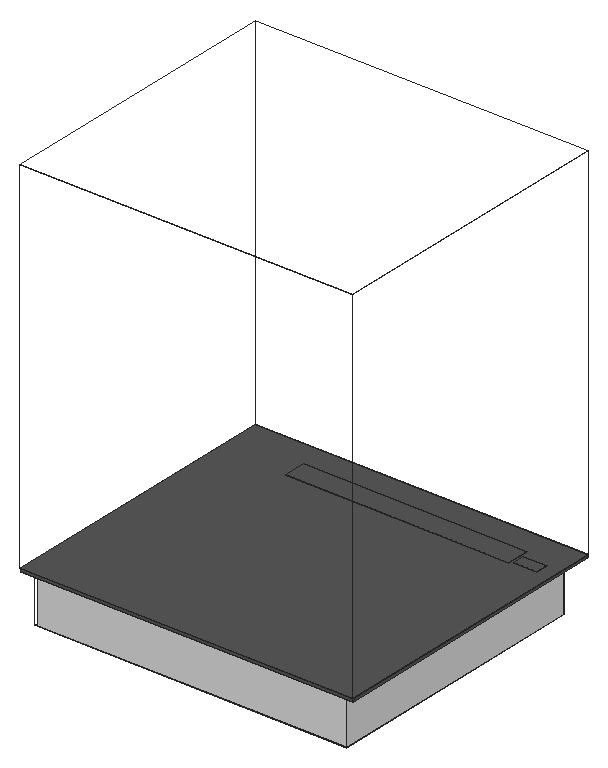
Revit family "CI604ZDTB5-AA-SG-SEA", category Specialty Equipment, Revit 2020
Family settings
  Round Connector Dimension = Use Diameter
  Part Type = Normal
  Work Plane-Based = Yes
  Always vertical = No
  Cut with Voids When Loaded = Yes
  Shared = No
  Room Calculation Point = No
Parameters (values of type "CI604ZZDTB5")
  URL = "www.fisherpaykel.com"
  Product - Width = 598.473 mm
  Product - Height = 90 mm
  Product - Depth = 528.471 mm
  Model = "CI604ZZDTB5"
  Material - Cooktop = Fisher & Paykel - Glass, Black
  Manufacturer = "Fisher & Paykel Appliances"
  Description = "60cm Series 7 Induction Cooktop"
  Default Elevation = 0 mm
  Clearance - Overhead Rangehood = 650 mm
  Clearance - Below Cooktop = 86 mm
  Cavity - Width = 560 mm
  Cavity - Height = 2260.449 mm
  Cavity - Depth = 490 mm
Reference planes
  plane 1 "Center (Front/Back)": y = 0
  plane 2: z = 0
  plane 3 "Center (Left/Right)": x = 0
  plane 4 "Product - LHS": x = -299.237
  plane 5 "Product - RHS": x = 299.237
  plane 6 "Cavity - RHS": x = 280
  plane 7 "Cavity - LHS": x = -280
  plane 8 "Product - Depth": y = 528.471
  plane 9 "Product - Height": z = 4
  plane 10: y = 10
  plane 11: y = 500
  plane 12: z = -86
  plane 13: z = 654
Forms (mm)
  Extrusion 1, solid, not visible
    sketch origin (-149.236, 268.236, 0) x (0, 1, 0) y (1, 0, 0)
      loop
        line (-528.472, 298.472) -> (-528.472, 0) -> (0, 0) -> (0, 298.472) -> (-528.472, 298.472)
    from 0 to -4
  Extrusion 2, solid, not visible
    sketch origin (-149.236, 268.236, 4) x (0, 1, 0) y (-1, 0, 0)
      loop
        line (-86.236, -44.236) -> (-86.236, -229.236) -> (-46.236, -229.236) -> (-46.236, -44.236) -> (-86.236, -44.236)
      loop
        line (-60.236, -234.236) -> (-82.236, -234.236) -> (-82.236, -276.236) -> (-60.236, -276.236) -> (-60.236, -234.236)
    from 0 to -2.95
  Extrusion 3, solid, material "Fisher & Paykel - Glass, Black" <- "Material - Cooktop"
    sketch origin (0, 0, 0) x (1, 0, 0) y (0, 1, 0)
      loop
        line (-299.235, 526.981) -> (-299.235, 1.491)
        arc (-299.235, 1.491) -> (-298.802, 0.427) -> (-297.736, 0) r 1.468
        line (-297.736, 0) -> (297.745, 0.001)
        arc (297.745, 0.001) -> (298.809, 0.434) -> (299.237, 1.5) r 1.468
        line (299.237, 1.5) -> (299.237, 526.974)
        arc (299.237, 526.974) -> (298.809, 528.039) -> (297.745, 528.471) r 1.468
        line (297.745, 528.471) -> (-297.738, 528.473)
        arc (-297.738, 528.473) -> (-298.803, 528.045) -> (-299.235, 526.981) r 1.468
    from 0 to 4
  Extrusion 4, solid, material "Fisher & Paykel - Glass, Black" <- "Material - Cooktop"
    sketch origin (0, 0, 0) x (1, 0, 0) y (0, 1, 0)
      loop
        line (-175, 482.236) -> (-175, 442.236) -> (225, 442.236) -> (225, 482.236) -> (-175, 482.236)
      loop
        line (230, 468.236) -> (230, 446.236) -> (272, 446.236) -> (272, 468.236) -> (230, 468.236)
    from 1.582 to 4
  Extrusion 5, solid, material "Fisher & Paykel - Clearance Required"
    sketch origin (0, 0, 0) x (1, 0, 0) y (0, 1, 0)
      loop
        line (-280, 500) -> (-280, 10) -> (280, 10) -> (280, 500) -> (-280, 500)
    from 0 to -86
  Extrusion 6, void
    sketch origin (0, 0, 0) x (1, 0, 0) y (0, 1, 0)
      loop
        line (-280, 500) -> (-280, 10) -> (280, 10) -> (280, 500) -> (-280, 500)
    from 0 to -86
  Extrusion 7, solid, material "Fisher & Paykel - Clearance Required"
    sketch origin (0, 0, 4) x (1, 0, 0) y (0, 1, 0)
      loop
        line (299.237, 528.471) -> (-299.237, 528.471) -> (-299.237, 0) -> (299.237, 0) -> (299.237, 528.471)
    from 0 to 650
  Extrusion 8, solid, material "Fisher & Paykel - Steel Galvanized"
    sketch origin (0, 0, 0) x (1, 0, 0) y (0, 1, 0)
      loop
        line (-277.5, 497.5) -> (-277.5, 12.5) -> (277.5, 12.5) -> (277.5, 497.5) -> (-277.5, 497.5)
    from 0 to -86
Dimensions and locks
  "Product - Width": plane 4 "Product - LHS" to plane 5 "Product - RHS"
  equal spacing: plane 4 "Product - LHS", plane 3 "Center (Left/Right)", plane 5 "Product - RHS"
  "Cavity - Width": plane 7 "Cavity - LHS" to plane 6 "Cavity - RHS"
  "Product - Depth": plane 8 "Product - Depth" to plane 1 "Center (Front/Back)"
  equal spacing: plane 7 "Cavity - LHS", plane 3 "Center (Left/Right)", plane 6 "Cavity - RHS"
  "Cavity - Depth": plane 11 to plane 10
  "Clearance - Below Cooktop": plane 12 to plane 2
  "Product - Height": plane 9 "Product - Height" to plane 12
  "Clearance - Overhead Rangehood": plane 13 to plane 9 "Product - Height"
  aligned and locked: level to plane 2
  aligned and locked: plane 9 "Product - Height" to Extrusion 3
  aligned and locked: plane 9 "Product - Height" to Extrusion 4
  aligned and locked: Extrusion 5 sketch curve to plane 7 "Cavity - LHS"
  aligned and locked: Extrusion 5 sketch curve to plane 11
  aligned and locked: Extrusion 5 sketch curve to plane 6 "Cavity - RHS"
  aligned and locked: Extrusion 5 sketch curve to plane 10
  aligned and locked: Extrusion 6 to plane 12
  aligned and locked: Extrusion 5 to plane 12
  aligned and locked: Extrusion 7 sketch curve to plane 5 "Product - RHS"
  aligned and locked: Extrusion 7 sketch curve to plane 4 "Product - LHS"
  aligned and locked: Extrusion 7 sketch curve to plane 8 "Product - Depth"
  aligned and locked: Extrusion 7 sketch curve to plane 1 "Center (Front/Back)"
  aligned and locked: plane 13 to Extrusion 7
  aligned and locked: Extrusion 8 to plane 12
Automatic sketch dimensions
  Extrusion 2 sketch curve to Extrusion 1 = 86.236 mm
  Extrusion 2 sketch curve to Extrusion 2 sketch curve = 40 mm
  Extrusion 2 sketch curve to Extrusion 1 = 69.236 mm
  Extrusion 2 sketch curve to Extrusion 1 = 44.236 mm
  Extrusion 2 sketch curve to Extrusion 2 sketch curve = 4 mm
  Extrusion 2 sketch curve to Extrusion 2 sketch curve = 14 mm
  Extrusion 2 sketch curve to Extrusion 2 sketch curve = 5 mm
  Extrusion 2 sketch curve to Extrusion 1 = 22.236 mm
  Extrusion 1 sketch curve to Extrusion 1 sketch curve = 0 mm  (x3)
  Extrusion 1 sketch curve to Extrusion 1 sketch curve = 528.472 mm
  Extrusion 1 sketch curve to Extrusion 1 sketch curve = 298.472 mm  (x2)
  plane 4 "Product - LHS" to Extrusion 3 sketch curve = 0.002 mm  (x2)
  Extrusion 3 sketch curve to Extrusion 3 sketch curve = 1.468 mm  (x3)
  plane 8 "Product - Depth" to Extrusion 3 sketch curve = 0.001 mm
  Extrusion 3 sketch curve to Extrusion 3 sketch curve = 0.029 mm
  plane 1 "Center (Front/Back)" to Extrusion 3 sketch curve = 0 mm
  Extrusion 3 sketch curve to Extrusion 3 sketch curve = 0.031 mm
  Extrusion 3 sketch curve to plane 1 "Center (Front/Back)" = 0.001 mm
  Extrusion 3 sketch curve to plane 5 "Product - RHS" = 1.491 mm  (x2)
  Extrusion 3 sketch curve to plane 8 "Product - Depth" = 0 mm
  Extrusion 3 sketch curve to plane 5 "Product - RHS" = 1.468 mm  (x2)
  Extrusion 3 sketch curve to plane 5 "Product - RHS" = 0 mm
  plane 5 "Product - RHS" to Extrusion 3 sketch curve = 0 mm
  Extrusion 3 sketch curve to plane 1 "Center (Front/Back)" = 1.467 mm
  Extrusion 3 sketch curve to plane 8 "Product - Depth" = 1.498 mm
  Extrusion 3 sketch curve to plane 8 "Product - Depth" = 1.49 mm
  Extrusion 4 sketch curve to plane 11 = 17.764 mm
  plane 7 "Cavity - LHS" to Extrusion 4 sketch curve = 105 mm
  Extrusion 4 sketch curve to plane 6 "Cavity - RHS" = 55 mm
  Extrusion 4 sketch curve to Extrusion 4 sketch curve = 5 mm
  Extrusion 4 sketch curve to plane 6 "Cavity - RHS" = 8 mm
  Extrusion 4 sketch curve to Extrusion 4 sketch curve = 14 mm
  Extrusion 4 sketch curve to Extrusion 4 sketch curve = 22 mm
  Extrusion 4 sketch curve to Extrusion 4 sketch curve = 40 mm
  Extrusion 6 sketch curve to plane 10 = 0 mm
  Extrusion 6 sketch curve to plane 11 = 0 mm
  plane 4 "Product - LHS" to Extrusion 6 sketch curve = 19.237 mm
  plane 3 "Center (Left/Right)" to Extrusion 6 sketch curve = 280 mm
  plane 7 "Cavity - LHS" to Extrusion 8 sketch curve = 2.5 mm
  Extrusion 8 sketch curve to plane 6 "Cavity - RHS" = 2.5 mm
  plane 10 to Extrusion 8 sketch curve = 2.5 mm
  Extrusion 8 sketch curve to plane 11 = 2.5 mm
